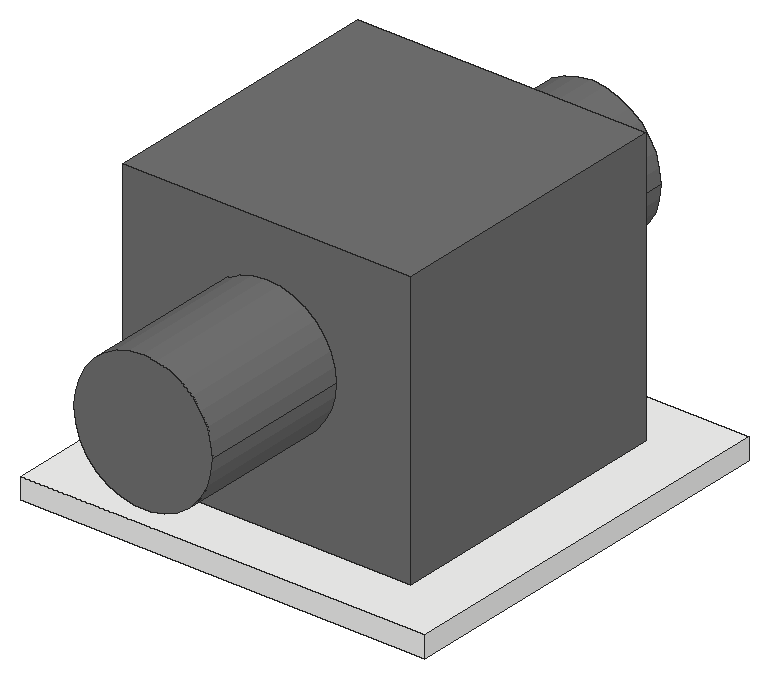
Revit family "vd-10_15zflc14(-s)_60Hz", category 機械設備, Revit 2019
Family settings
  丸型コネクタ寸法 = 直径を使用
  パーツ タイプ = 標準
  OmniClass 番号 = 23.75.35.17.27
  OmniClass タイトル = Centrifugal Fans
  作業面ベース = いいえ
  常に垂直 = はい
  ロード時にボイドで切り取り = いいえ
  共有 = いいえ
  部屋計算ポイント = はい
Parameters (values of type "VD-10ZFLC14")
  騒音レベル(dB(A)) [instance] = 27.5
  風量 [instance] = 125.0 m³/h
  電源種別 [instance] = ""
  電圧 = 100 V
  電動機出力 = 0 W
  電動機_種別 [instance] = ""
  運転質量 = 0.00 kg
  連動 [instance] = ""
  質量 = if(製品質量 > 運転質量, 製品質量, 運転質量) * 1.2  # 2.40 kg
  負荷分類 = 3_ファン類
  説明 = "ダクト用換気扇 2部屋換気用 低騒音形 24時間換気機能付"
  設計風量 [instance] = 0.0 m³/h
  設置方法 = "天埋"
  記号 [instance] = ""
  製造元 = "三菱電機株式会社"
  製品質量 = 2.00 kg
  製品出荷対象 = "国内"
  製品リリース年月 = "2024年6月3日"
  製品グループ = ""
  系統 [instance] = ""
  符号 [instance] = if(☑給気／□排気, "FS", "FE")  # "FE"
  積算_科目 = "2 換気設備"
  積算_拾い区分 [instance] = ""
  相 = 1
  盤記号 [instance] = ""
  発停方法 [instance] = ""
  特殊仕様 [instance] = ""
  火災停止 [instance] = ""
  消費電力 = 15.5 W
  法定耐用年数 = "15"
  機外静圧 [instance] = 0.0 Pa
  極数 = 2
  材質 [instance] = ""
  操作・制御方式 = ""
  操作・制御スイッチ = ""
  排気量 [instance] = if(☑給気／□排気, 0.0 m³/h, 設計風量)  # 0.0 m³/h
  形式 = "天井埋込ダクト形"
  幹線記号 [instance] = ""
  対象室 [instance] = ""
  実風量 [instance] = 0.0 m³/h
  始動方式 [instance] = "直入"
  外気量 [instance] = if(☑給気／□排気, 設計風量, 0.0 m³/h)  # 0.0 m³/h
  呼称 = "天井扇"
  周波数 = 60 Hz
  参照している仕様書等のバージョン = ""
  分類コード = "50052503100030"
  分類グループ = ""
  価格 = 36400
  企業コード = "108420"
  付属品_防振装置 = ""
  付属品 [instance] = ""
  仕様書バージョン = "Version1.0"
  モデル = "VD-10ZFLC14"
  マテリアル = 合成樹脂(黒)
  ファンの種類 = ""
  ダクト径 = 100 mm
  コメント [instance] = ""
  Keynote = ""
  カバーマテリアル = 合成樹脂(白)
  ☑給気／□排気 [instance] = no
  Width = 204 mm
  W1 = 286 mm
  Version = ""
  Uniclass2015Version = "Systems v1.9"
  Uniclass2015Title = "Centrifugal fans"
  Uniclass2015Code = "Pr_65_67_29_12"
  URL = "https://www.mitsubishielectric.co.jp/ldg/wink/qr/002/333563/"
  SpecificationReference = ""
  SpecificationDescription = ""
  Revision = ""
  RAサイズ_D = 98 mm
  RA_Duct_Height = 109 mm
  RA_Duct_Depth = 79 mm
  ProductInformation = ""
  OmniClassCode = "23-33 31 19 11 15"
  OAサイズ_D = 0 mm
  MIN風量 = 65.0 m³/h
  MIN静圧 = 0.0 Pa
  MID風量 = 0.0 m³/h
  MID静圧 = 0.0 Pa
  MAX風量 = 125.0 m³/h
  MAX静圧 = 0.0 Pa
  IfcTypeProduct = ""
  IfcProduct = ""
  IfcExportType = "PROPELLORAXIAL"
  IfcExportAs = "IfcFanType"
  Height = 195 mm
  H1 = 15 mm
  EAサイズ_D = 98 mm
  EA_Duct_Height = 109 mm
  EA_Duct_Depth = 109 mm
  Duct_Height = 111 mm
  Duct_Depth = 114 mm
  Duct_Center = 0 mm
  Depth = 208 mm
  D1 = 286 mm
  Author = "三菱電機株式会社"
Reference planes
  plane 1 "中心(正面/背面)": y = 0
  plane 2: z = 0
  plane 3 "中心(左/右)": x = 0
  plane 4: x = -143
  plane 5: x = 143
  plane 6: y = 143
  plane 7: y = -143
  plane 8: x = -102
  plane 9: x = 102
  plane 10: y = 104
  plane 11: y = -104
  plane 12: y = -213
  plane 13: z = 195
  plane 14: z = -15
  plane 15: z = 109
  plane 16: x = 0
  plane 17: y = 183
  plane 18: z = 109
Forms (mm)
  Extrusion 1, solid, material "合成樹脂(黒)" <- "マテリアル", detail levels fine
    sketch origin (0, 0, 0) x (1, 0, 0) y (0, 1, 0)
      loop
        line (-102, 104) -> (-102, -104) -> (102, -104) -> (102, 104) -> (-102, 104)
    from 0 to 195
  Extrusion 2, solid, material "合成樹脂(白)" <- "カバーマテリアル", detail levels fine
    sketch origin (0, 0, 0) x (1, 0, 0) y (0, 1, 0)
      loop
        line (-143, 143) -> (-143, -143) -> (143, -143) -> (143, 143) -> (-143, 143)
    from 0 to -15
  Extrusion 3, solid, material "合成樹脂(黒)" <- "マテリアル", detail levels fine
    sketch origin (0, 0, 0) x (1, 0, 0) y (0, 0, 1)
      loop
        circle (0, 109) r 49
    from 104 to 213
  Extrusion 4, solid, material "合成樹脂(黒)" <- "マテリアル"
    sketch origin (0, 0, 0) x (1, 0, 0) y (0, 0, 1)
      loop
        circle (0, 109) r 49
    from -183 to -104
Dimensions and locks
  equal spacing: plane 4, plane 3 "中心(左/右)", plane 5
  "W1": plane 4 to plane 5
  equal spacing: plane 6, plane 1 "中心(正面/背面)", plane 7
  "D1": plane 6 to plane 7
  equal spacing: plane 8, plane 3 "中心(左/右)", plane 9
  "Width": plane 8 to plane 9
  equal spacing: plane 10, plane 1 "中心(正面/背面)", plane 11
  "Depth": plane 10 to plane 11
  "EA_Duct_Depth": plane 11 to plane 12
  "Height": plane 13 to plane 2
  "EA_Duct_Height": plane 15 to plane 2
  "H1": plane 2 to plane 14
  "Duct_Center": plane 3 "中心(左/右)" to plane 16
  "RA_Duct_Height": level to plane 18
  "RA_Duct_Depth": plane 17 to plane 10
  "EAサイズ_D": diameter of Extrusion 3 sketch curve
  "RAサイズ_D": diameter of Extrusion 4 sketch curve
  aligned and locked: level to plane 2
  aligned and locked: plane 5 to Extrusion 2
  aligned and locked: plane 6 to Extrusion 2
  aligned and locked: Extrusion 2 to plane 4
  aligned and locked: Extrusion 2 to plane 7
  aligned and locked: plane 9 to Extrusion 1
  aligned and locked: Extrusion 1 to plane 11
  aligned and locked: Extrusion 1 to plane 8
  aligned and locked: plane 10 to Extrusion 1
  aligned and locked: plane 13 to Extrusion 1
  aligned and locked: Extrusion 2 to plane 14
  aligned and locked: level to Extrusion 2
  aligned and locked: Extrusion 1 to level
  aligned and locked: Extrusion 3 to plane 12
  aligned and locked: plane 11 to Extrusion 3
  aligned and locked: plane 17 to Extrusion 4
  aligned and locked: Extrusion 4 to Extrusion 1
Automatic sketch dimensions
  Extrusion 1 sketch curve to plane 3 "中心(左/右)" = 102 mm
  plane 3 "中心(左/右)" to Extrusion 1 sketch curve = 102 mm
  Extrusion 2 sketch curve to plane 3 "中心(左/右)" = 143 mm
  plane 3 "中心(左/右)" to Extrusion 2 sketch curve = 143 mm
  plane 1 "中心(正面/背面)" to Extrusion 1 sketch curve = 104 mm
  Extrusion 1 sketch curve to plane 1 "中心(正面/背面)" = 104 mm
  plane 1 "中心(正面/背面)" to Extrusion 2 sketch curve = 143 mm
  Extrusion 2 sketch curve to plane 1 "中心(正面/背面)" = 143 mm
  Extrusion 3 sketch curve to plane 15 = 0 mm
  Extrusion 3 sketch curve to plane 16 = 0 mm
  Extrusion 4 sketch curve to plane 3 "中心(左/右)" = 0 mm
  Extrusion 4 sketch curve to plane 18 = 0 mm
Nested families
  nested 1: "記号_天井換気扇_平面" at (0, 0, 0), type "記号_天井換気扇_平面", detail levels coarse+medium
Connectors
  hvac at (0, -213, 109), driven by "ダクト径", driven by "風量", driven by "機外静圧"
    settings: on Extrusion 3, index 1, duct flow 125.0 m³/h, flow factor 0, pres drop 0.0 Pa, loss coef 0, conn angle 0.00°, conn width 304.8 mm, conn height 304.8 mm, conn diameter 100 mm, duct sys type 3, conn prof type 0, flow config 0, flow direction 2, loss method 4, conn ref index -1, conn util no, is conn primary yes, conn desc ""
  electrical at (0, 0, 195), driven by "極数", driven by "負荷分類", driven by "電圧", driven by "消費電力"
    settings: on Extrusion 1, index 2, voltage 100 V, apparent load 15.5 VA, apparent load phase1 0 VA, apparent load phase2 0 VA, apparent load phase3 0 VA, power factor 1, load classification "3_ファン類", number of poles 2, system type 30, power factor state 1, is connector primary yes, connector utility no, sub classification motor no, connector description ""
  hvac at (0, 183, 109), driven by "ダクト径", driven by "機外静圧", driven by "風量"
    settings: on Extrusion 4, index 3, duct flow 125.0 m³/h, flow factor 0, pres drop 0.0 Pa, loss coef 0, conn angle 0.00°, conn width 304.8 mm, conn height 304.8 mm, conn diameter 100 mm, duct sys type 2, conn prof type 0, flow config 0, flow direction 1, loss method 4, conn ref index -1, conn util no, is conn primary no, conn desc ""
Definition of nested family "記号_天井換気扇_平面"
  Reference planes
    plane 1: y = 0
    plane 2: x = 0
  Lines and regions (mm)
    detail lines
      curve 1: line (-2.5, 2.5, 0) -> (2.5, 2.5, 0)
      curve 2: line (-2.5, -2.5, 0) -> (-2.5, 2.5, 0)
      curve 3: line (2.5, -2.5, 0) -> (-2.5, -2.5, 0)
      curve 4: line (2.5, 2.5, 0) -> (2.5, -2.5, 0)
      curve 5: circle (-1.04, -1.04, 0) r 1.46 normal (0, 0, 1)
      curve 6: circle (1.04, 1.04, 0) r 1.46 normal (0, 0, 1)
      curve 7: line (-3.125, 3.125, 0) -> (3.125, 3.125, 0)
      curve 8: line (-3.125, -3.125, 0) -> (-3.125, 3.125, 0)
      curve 9: line (3.125, -3.125, 0) -> (-3.125, -3.125, 0)
      curve 10: line (3.125, 3.125, 0) -> (3.125, -3.125, 0)
      curve 11: circle (1.295, 1.295, 0) r 1.83 normal (0, 0, 1)
      curve 12: circle (-1.295, -1.295, 0) r 1.83 normal (0, 0, 1)
      curve 13: line (-2, 2, 0) -> (2, 2, 0)
      curve 14: line (-2, -2, 0) -> (-2, 2, 0)
      curve 15: line (2, -2, 0) -> (-2, -2, 0)
      curve 16: line (2, 2, 0) -> (2, -2, 0)
      curve 17: circle (0.84, 0.84, 0) r 1.16 normal (0, 0, 1)
      curve 18: circle (-0.84, -0.84, 0) r 1.2 normal (0, 0, 1)
